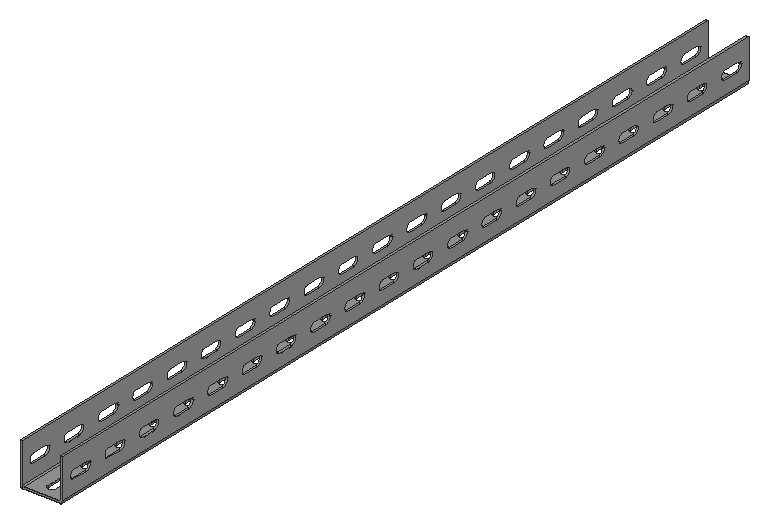
Revit family "U-Stiel, US 5 1000 FT,A2,A4", category Generic Models, Revit 2017
Family settings
  Can host rebar = No
  Round Connector Dimension = Use Diameter
  Part Type = Normal
  Work Plane-Based = No
  Always vertical = Yes
  Cut with Voids When Loaded = No
  Shared = No
  Room Calculation Point = No
Parameters (values of type "US 5 100 A2")
  Width 1 = Width / 2  # 25 mm
  Width = 50 mm
  URL = "http://www.obo-bettermann.com"
  Material = Stainless steel, A2
  Manufacturer Art.No. = "6341133"
  Manufacturer = "OBO Bettermann"
  Length = 1000 mm
  Height = 50 mm
  GTIN = "4012196082094"
  Cut's space = 50 mm
  Cut's number = Length / Cut's space  # 20
  Article Type = "US 5 100 A2"
Types (4, lengths in mm): name | Material | Manufacturer Art.No. | GTIN | Article Type
  (no name) | Stainless steel, A2 | "6341133" | "4012196082094" | "US 5 100 A2"
  US 5 100 FT | Hot-dip galvanised | "6340962" | "4012196284177" | "US 5 100 FT"
  US 5 100 A2 | Stainless steel, A2 | "6341133" | "4012196082094" | "US 5 100 A2"
  US 5 100 FT SO | Hot-dip galvanised 85 µm | "7193580" | "4012196954438" | "US 5 100 FT SO"
Reference planes
  plane 1 "Center (Front/Back)": y = 0
  plane 2: z = 0
  plane 3 "Center (Left/Right)": x = 0
  plane 4: z = 50
  plane 5: y = 25
  plane 6: z = 25
  plane 7: y = 75
  plane 8: y = 10
  plane 9: y = 40
  plane 10: y = 75
  plane 11: y = 90
  plane 12: y = 140
  plane 13: y = 190
  plane 14: y = 240
  plane 15: y = 290
  plane 16: y = 340
  plane 17: y = 390
  plane 18: y = 440
  plane 19: y = 490
  plane 20: y = 540
  plane 21: y = 590
  plane 22: y = 640
  plane 23: y = 690
  plane 24: y = 740
  plane 25: y = 790
  plane 26: y = 840
  plane 27: y = 890
  plane 28: y = 940
  plane 29: y = 990
Forms (mm)
  Extrusion 1, solid, material "Stainless steel, A2" <- "Material"
    sketch origin (0, 0, 0) x (1, 0, 0) y (0, 0, 1)
      loop
        line (-25, 50) -> (-25, 3.7)
        arc (-25, 3.7) -> (-23.916, 1.084) -> (-21.3, 0) r 3.7
        line (-21.3, 0) -> (21.336, 0)
        arc (21.336, 0) -> (23.927, 1.073) -> (25, 3.664) r 3.664
        line (25, 3.664) -> (25, 50) -> (22.5, 50) -> (22.5, 4)
        arc (22.5, 4) -> (22.061, 2.939) -> (21, 2.5) r 1.5
        line (21, 2.5) -> (-21, 2.5)
        arc (-21, 2.5) -> (-22.061, 2.939) -> (-22.5, 4) r 1.5
        line (-22.5, 4) -> (-22.5, 50) -> (-25, 50)
    from -1000 to 0
  Extrusion 2, void
    sketch origin (0, 0, 0) x (0, 1, 0) y (0, 0, 1)
      loop
        arc (15.607, 30.5) -> (10.107, 25) -> (15.607, 19.5) r 5.5
        line (15.607, 19.5) -> (34.607, 19.5)
        arc (34.607, 19.5) -> (40.107, 25) -> (34.607, 30.5) r 5.5
        line (34.607, 30.5) -> (15.607, 30.5)
    from 22.5 to 25
  Extrusion 3, void
    sketch origin (0, -100, 0) x (0, -1, 0) y (0, 0, 1)
      loop
        line (-115.607, 30.5) -> (-134.607, 30.5)
        arc (-134.607, 30.5) -> (-140.107, 25) -> (-134.607, 19.5) r 5.5
        line (-134.607, 19.5) -> (-115.607, 19.5)
        arc (-115.607, 19.5) -> (-110.107, 25) -> (-115.607, 30.5) r 5.5
    from 22.5 to 25
  Extrusion 4, void
    sketch origin (0, 0, 0) x (1, 0, 0) y (0, 1, 0)
      loop
        arc (-5.5, 15.5) -> (0, 10) -> (5.5, 15.5) r 5.5
        line (5.5, 15.5) -> (5.5, 34.5)
        arc (5.5, 34.5) -> (0, 40) -> (-5.5, 34.5) r 5.5
        line (-5.5, 34.5) -> (-5.5, 15.5)
    from 0 to 2.5
  Extrusion 5, void
    sketch origin (0, 50, 0) x (1, 0, 0) y (0, 1, 0)
      loop
        arc (-5.5, 15.5) -> (0, 10) -> (5.5, 15.5) r 5.5
        line (5.5, 15.5) -> (5.5, 34.5)
        arc (5.5, 34.5) -> (0, 40) -> (-5.5, 34.5) r 5.5
        line (-5.5, 34.5) -> (-5.5, 15.5)
    from 0 to 2.5
  Extrusion 6, void
    sketch origin (0, 100, 0) x (1, 0, 0) y (0, 1, 0)
      loop
        arc (-5.5, 15.5) -> (0, 10) -> (5.5, 15.5) r 5.5
        line (5.5, 15.5) -> (5.5, 34.5)
        arc (5.5, 34.5) -> (0, 40) -> (-5.5, 34.5) r 5.5
        line (-5.5, 34.5) -> (-5.5, 15.5)
    from 0 to 2.5
  Extrusion 7, void
    sketch origin (0, 150, 0) x (1, 0, 0) y (0, 1, 0)
      loop
        arc (-5.5, 15.5) -> (0, 10) -> (5.5, 15.5) r 5.5
        line (5.5, 15.5) -> (5.5, 34.5)
        arc (5.5, 34.5) -> (0, 40) -> (-5.5, 34.5) r 5.5
        line (-5.5, 34.5) -> (-5.5, 15.5)
    from 0 to 2.5
  Extrusion 8, void
    sketch origin (0, 200, 0) x (1, 0, 0) y (0, 1, 0)
      loop
        arc (-5.5, 15.5) -> (0, 10) -> (5.5, 15.5) r 5.5
        line (5.5, 15.5) -> (5.5, 34.5)
        arc (5.5, 34.5) -> (0, 40) -> (-5.5, 34.5) r 5.5
        line (-5.5, 34.5) -> (-5.5, 15.5)
    from 0 to 2.5
  Extrusion 9, void
    sketch origin (0, 250, 0) x (1, 0, 0) y (0, 1, 0)
      loop
        arc (-5.5, 15.5) -> (0, 10) -> (5.5, 15.5) r 5.5
        line (5.5, 15.5) -> (5.5, 34.5)
        arc (5.5, 34.5) -> (0, 40) -> (-5.5, 34.5) r 5.5
        line (-5.5, 34.5) -> (-5.5, 15.5)
    from 0 to 2.5
  Extrusion 10, void
    sketch origin (0, 300, 0) x (1, 0, 0) y (0, 1, 0)
      loop
        arc (-5.5, 15.5) -> (0, 10) -> (5.5, 15.5) r 5.5
        line (5.5, 15.5) -> (5.5, 34.5)
        arc (5.5, 34.5) -> (0, 40) -> (-5.5, 34.5) r 5.5
        line (-5.5, 34.5) -> (-5.5, 15.5)
    from 0 to 2.5
  Extrusion 11, void
    sketch origin (0, 350, 0) x (1, 0, 0) y (0, 1, 0)
      loop
        arc (-5.5, 15.5) -> (0, 10) -> (5.5, 15.5) r 5.5
        line (5.5, 15.5) -> (5.5, 34.5)
        arc (5.5, 34.5) -> (0, 40) -> (-5.5, 34.5) r 5.5
        line (-5.5, 34.5) -> (-5.5, 15.5)
    from 0 to 2.5
  Extrusion 12, void
    sketch origin (0, 400, 0) x (1, 0, 0) y (0, 1, 0)
      loop
        arc (-5.5, 15.5) -> (0, 10) -> (5.5, 15.5) r 5.5
        line (5.5, 15.5) -> (5.5, 34.5)
        arc (5.5, 34.5) -> (0, 40) -> (-5.5, 34.5) r 5.5
        line (-5.5, 34.5) -> (-5.5, 15.5)
    from 0 to 2.5
  Extrusion 13, void
    sketch origin (0, 450, 0) x (1, 0, 0) y (0, 1, 0)
      loop
        arc (-5.5, 15.5) -> (0, 10) -> (5.5, 15.5) r 5.5
        line (5.5, 15.5) -> (5.5, 34.5)
        arc (5.5, 34.5) -> (0, 40) -> (-5.5, 34.5) r 5.5
        line (-5.5, 34.5) -> (-5.5, 15.5)
    from 0 to 2.5
  Extrusion 14, void
    sketch origin (0, 500, 0) x (1, 0, 0) y (0, 1, 0)
      loop
        arc (-5.5, 15.5) -> (0, 10) -> (5.5, 15.5) r 5.5
        line (5.5, 15.5) -> (5.5, 34.5)
        arc (5.5, 34.5) -> (0, 40) -> (-5.5, 34.5) r 5.5
        line (-5.5, 34.5) -> (-5.5, 15.5)
    from 0 to 2.5
  Extrusion 15, void
    sketch origin (0, 550, 0) x (1, 0, 0) y (0, 1, 0)
      loop
        arc (-5.5, 15.5) -> (0, 10) -> (5.5, 15.5) r 5.5
        line (5.5, 15.5) -> (5.5, 34.5)
        arc (5.5, 34.5) -> (0, 40) -> (-5.5, 34.5) r 5.5
        line (-5.5, 34.5) -> (-5.5, 15.5)
    from 0 to 2.5
  Extrusion 16, void
    sketch origin (0, 600, 0) x (1, 0, 0) y (0, 1, 0)
      loop
        arc (-5.5, 15.5) -> (0, 10) -> (5.5, 15.5) r 5.5
        line (5.5, 15.5) -> (5.5, 34.5)
        arc (5.5, 34.5) -> (0, 40) -> (-5.5, 34.5) r 5.5
        line (-5.5, 34.5) -> (-5.5, 15.5)
    from 0 to 2.5
  Extrusion 17, void
    sketch origin (0, 650, 0) x (1, 0, 0) y (0, 1, 0)
      loop
        arc (-5.5, 15.5) -> (0, 10) -> (5.5, 15.5) r 5.5
        line (5.5, 15.5) -> (5.5, 34.5)
        arc (5.5, 34.5) -> (0, 40) -> (-5.5, 34.5) r 5.5
        line (-5.5, 34.5) -> (-5.5, 15.5)
    from 0 to 2.5
  Extrusion 18, void
    sketch origin (0, 700, 0) x (1, 0, 0) y (0, 1, 0)
      loop
        arc (-5.5, 15.5) -> (0, 10) -> (5.5, 15.5) r 5.5
        line (5.5, 15.5) -> (5.5, 34.5)
        arc (5.5, 34.5) -> (0, 40) -> (-5.5, 34.5) r 5.5
        line (-5.5, 34.5) -> (-5.5, 15.5)
    from 0 to 2.5
  Extrusion 19, void
    sketch origin (0, 750, 0) x (1, 0, 0) y (0, 1, 0)
      loop
        arc (-5.5, 15.5) -> (0, 10) -> (5.5, 15.5) r 5.5
        line (5.5, 15.5) -> (5.5, 34.5)
        arc (5.5, 34.5) -> (0, 40) -> (-5.5, 34.5) r 5.5
        line (-5.5, 34.5) -> (-5.5, 15.5)
    from 0 to 2.5
  Extrusion 20, void
    sketch origin (0, 50, 0) x (0, 1, 0) y (0, 0, 1)
      loop
        arc (15.607, 30.5) -> (10.107, 25) -> (15.607, 19.5) r 5.5
        line (15.607, 19.5) -> (34.607, 19.5)
        arc (34.607, 19.5) -> (40.107, 25) -> (34.607, 30.5) r 5.5
        line (34.607, 30.5) -> (15.607, 30.5)
    from 22.5 to 25
  Extrusion 21, void
    sketch origin (0, 100, 0) x (0, 1, 0) y (0, 0, 1)
      loop
        arc (15.607, 30.5) -> (10.107, 25) -> (15.607, 19.5) r 5.5
        line (15.607, 19.5) -> (34.607, 19.5)
        arc (34.607, 19.5) -> (40.107, 25) -> (34.607, 30.5) r 5.5
        line (34.607, 30.5) -> (15.607, 30.5)
    from 22.5 to 25
  Extrusion 22, void
    sketch origin (0, 150, 0) x (0, 1, 0) y (0, 0, 1)
      loop
        arc (15.607, 30.5) -> (10.107, 25) -> (15.607, 19.5) r 5.5
        line (15.607, 19.5) -> (34.607, 19.5)
        arc (34.607, 19.5) -> (40.107, 25) -> (34.607, 30.5) r 5.5
        line (34.607, 30.5) -> (15.607, 30.5)
    from 22.5 to 25
  Extrusion 23, void
    sketch origin (0, 200, 0) x (0, 1, 0) y (0, 0, 1)
      loop
        arc (15.607, 30.5) -> (10.107, 25) -> (15.607, 19.5) r 5.5
        line (15.607, 19.5) -> (34.607, 19.5)
        arc (34.607, 19.5) -> (40.107, 25) -> (34.607, 30.5) r 5.5
        line (34.607, 30.5) -> (15.607, 30.5)
    from 22.5 to 25
  Extrusion 24, void
    sketch origin (0, 250, 0) x (0, 1, 0) y (0, 0, 1)
      loop
        arc (15.607, 30.5) -> (10.107, 25) -> (15.607, 19.5) r 5.5
        line (15.607, 19.5) -> (34.607, 19.5)
        arc (34.607, 19.5) -> (40.107, 25) -> (34.607, 30.5) r 5.5
        line (34.607, 30.5) -> (15.607, 30.5)
    from 22.5 to 25
  Extrusion 25, void
    sketch origin (0, 300, 0) x (0, 1, 0) y (0, 0, 1)
      loop
        arc (15.607, 30.5) -> (10.107, 25) -> (15.607, 19.5) r 5.5
        line (15.607, 19.5) -> (34.607, 19.5)
        arc (34.607, 19.5) -> (40.107, 25) -> (34.607, 30.5) r 5.5
        line (34.607, 30.5) -> (15.607, 30.5)
    from 22.5 to 25
  Extrusion 26, void
    sketch origin (0, 350, 0) x (0, 1, 0) y (0, 0, 1)
      loop
        arc (15.607, 30.5) -> (10.107, 25) -> (15.607, 19.5) r 5.5
        line (15.607, 19.5) -> (34.607, 19.5)
        arc (34.607, 19.5) -> (40.107, 25) -> (34.607, 30.5) r 5.5
        line (34.607, 30.5) -> (15.607, 30.5)
    from 22.5 to 25
  Extrusion 27, void
    sketch origin (0, 400, 0) x (0, 1, 0) y (0, 0, 1)
      loop
        arc (15.607, 30.5) -> (10.107, 25) -> (15.607, 19.5) r 5.5
        line (15.607, 19.5) -> (34.607, 19.5)
        arc (34.607, 19.5) -> (40.107, 25) -> (34.607, 30.5) r 5.5
        line (34.607, 30.5) -> (15.607, 30.5)
    from 22.5 to 25
  Extrusion 28, void
    sketch origin (0, 450, 0) x (0, 1, 0) y (0, 0, 1)
      loop
        arc (15.607, 30.5) -> (10.107, 25) -> (15.607, 19.5) r 5.5
        line (15.607, 19.5) -> (34.607, 19.5)
        arc (34.607, 19.5) -> (40.107, 25) -> (34.607, 30.5) r 5.5
        line (34.607, 30.5) -> (15.607, 30.5)
    from 22.5 to 25
  Extrusion 29, void
    sketch origin (0, 500, 0) x (0, 1, 0) y (0, 0, 1)
      loop
        arc (15.607, 30.5) -> (10.107, 25) -> (15.607, 19.5) r 5.5
        line (15.607, 19.5) -> (34.607, 19.5)
        arc (34.607, 19.5) -> (40.107, 25) -> (34.607, 30.5) r 5.5
        line (34.607, 30.5) -> (15.607, 30.5)
    from 22.5 to 25
  Extrusion 30, void
    sketch origin (0, 550, 0) x (0, 1, 0) y (0, 0, 1)
      loop
        arc (15.607, 30.5) -> (10.107, 25) -> (15.607, 19.5) r 5.5
        line (15.607, 19.5) -> (34.607, 19.5)
        arc (34.607, 19.5) -> (40.107, 25) -> (34.607, 30.5) r 5.5
        line (34.607, 30.5) -> (15.607, 30.5)
    from 22.5 to 25
  Extrusion 31, void
    sketch origin (0, 600, 0) x (0, 1, 0) y (0, 0, 1)
      loop
        arc (15.607, 30.5) -> (10.107, 25) -> (15.607, 19.5) r 5.5
        line (15.607, 19.5) -> (34.607, 19.5)
        arc (34.607, 19.5) -> (40.107, 25) -> (34.607, 30.5) r 5.5
        line (34.607, 30.5) -> (15.607, 30.5)
    from 22.5 to 25
  Extrusion 32, void
    sketch origin (0, 650, 0) x (0, 1, 0) y (0, 0, 1)
      loop
        arc (15.607, 30.5) -> (10.107, 25) -> (15.607, 19.5) r 5.5
        line (15.607, 19.5) -> (34.607, 19.5)
        arc (34.607, 19.5) -> (40.107, 25) -> (34.607, 30.5) r 5.5
        line (34.607, 30.5) -> (15.607, 30.5)
    from 22.5 to 25
  Extrusion 33, void
    sketch origin (0, 700, 0) x (0, 1, 0) y (0, 0, 1)
      loop
        arc (15.607, 30.5) -> (10.107, 25) -> (15.607, 19.5) r 5.5
        line (15.607, 19.5) -> (34.607, 19.5)
        arc (34.607, 19.5) -> (40.107, 25) -> (34.607, 30.5) r 5.5
        line (34.607, 30.5) -> (15.607, 30.5)
    from 22.5 to 25
  Extrusion 34, void
    sketch origin (0, 750, 0) x (0, 1, 0) y (0, 0, 1)
      loop
        arc (15.607, 30.5) -> (10.107, 25) -> (15.607, 19.5) r 5.5
        line (15.607, 19.5) -> (34.607, 19.5)
        arc (34.607, 19.5) -> (40.107, 25) -> (34.607, 30.5) r 5.5
        line (34.607, 30.5) -> (15.607, 30.5)
    from 22.5 to 25
  Extrusion 35, void
    sketch origin (0, 800, 0) x (1, 0, 0) y (0, 1, 0)
      loop
        arc (-5.5, 15.5) -> (0, 10) -> (5.5, 15.5) r 5.5
        line (5.5, 15.5) -> (5.5, 34.5)
        arc (5.5, 34.5) -> (0, 40) -> (-5.5, 34.5) r 5.5
        line (-5.5, 34.5) -> (-5.5, 15.5)
    from 0 to 2.5
  Extrusion 36, void
    sketch origin (0, 850, 0) x (1, 0, 0) y (0, 1, 0)
      loop
        arc (-5.5, 15.5) -> (0, 10) -> (5.5, 15.5) r 5.5
        line (5.5, 15.5) -> (5.5, 34.5)
        arc (5.5, 34.5) -> (0, 40) -> (-5.5, 34.5) r 5.5
        line (-5.5, 34.5) -> (-5.5, 15.5)
    from 0 to 2.5
  Extrusion 37, void
    sketch origin (0, 900, 0) x (1, 0, 0) y (0, 1, 0)
      loop
        arc (-5.5, 15.5) -> (0, 10) -> (5.5, 15.5) r 5.5
        line (5.5, 15.5) -> (5.5, 34.5)
        arc (5.5, 34.5) -> (0, 40) -> (-5.5, 34.5) r 5.5
        line (-5.5, 34.5) -> (-5.5, 15.5)
    from 0 to 2.5
  Extrusion 38, void
    sketch origin (0, 950, 0) x (1, 0, 0) y (0, 1, 0)
      loop
        arc (-5.5, 15.5) -> (0, 10) -> (5.5, 15.5) r 5.5
        line (5.5, 15.5) -> (5.5, 34.5)
        arc (5.5, 34.5) -> (0, 40) -> (-5.5, 34.5) r 5.5
        line (-5.5, 34.5) -> (-5.5, 15.5)
    from 0 to 2.5
  Extrusion 39, void
    sketch origin (0, 800, 0) x (0, 1, 0) y (0, 0, 1)
      loop
        arc (15.607, 30.5) -> (10.107, 25) -> (15.607, 19.5) r 5.5
        line (15.607, 19.5) -> (34.607, 19.5)
        arc (34.607, 19.5) -> (40.107, 25) -> (34.607, 30.5) r 5.5
        line (34.607, 30.5) -> (15.607, 30.5)
    from 22.5 to 25
  Extrusion 40, void
    sketch origin (0, 850, 0) x (0, 1, 0) y (0, 0, 1)
      loop
        arc (15.607, 30.5) -> (10.107, 25) -> (15.607, 19.5) r 5.5
        line (15.607, 19.5) -> (34.607, 19.5)
        arc (34.607, 19.5) -> (40.107, 25) -> (34.607, 30.5) r 5.5
        line (34.607, 30.5) -> (15.607, 30.5)
    from 22.5 to 25
  Extrusion 41, void
    sketch origin (0, 900, 0) x (0, 1, 0) y (0, 0, 1)
      loop
        arc (15.607, 30.5) -> (10.107, 25) -> (15.607, 19.5) r 5.5
        line (15.607, 19.5) -> (34.607, 19.5)
        arc (34.607, 19.5) -> (40.107, 25) -> (34.607, 30.5) r 5.5
        line (34.607, 30.5) -> (15.607, 30.5)
    from 22.5 to 25
  Extrusion 42, void
    sketch origin (0, 950, 0) x (0, 1, 0) y (0, 0, 1)
      loop
        arc (15.607, 30.5) -> (10.107, 25) -> (15.607, 19.5) r 5.5
        line (15.607, 19.5) -> (34.607, 19.5)
        arc (34.607, 19.5) -> (40.107, 25) -> (34.607, 30.5) r 5.5
        line (34.607, 30.5) -> (15.607, 30.5)
    from 22.5 to 25
  Extrusion 43, void
    sketch origin (0, -50, 0) x (0, -1, 0) y (0, 0, 1)
      loop
        line (-115.607, 30.5) -> (-134.607, 30.5)
        arc (-134.607, 30.5) -> (-140.107, 25) -> (-134.607, 19.5) r 5.5
        line (-134.607, 19.5) -> (-115.607, 19.5)
        arc (-115.607, 19.5) -> (-110.107, 25) -> (-115.607, 30.5) r 5.5
    from 22.5 to 25
  Extrusion 44, void
    sketch origin (0, 0, 0) x (0, -1, 0) y (0, 0, 1)
      loop
        line (-115.607, 30.5) -> (-134.607, 30.5)
        arc (-134.607, 30.5) -> (-140.107, 25) -> (-134.607, 19.5) r 5.5
        line (-134.607, 19.5) -> (-115.607, 19.5)
        arc (-115.607, 19.5) -> (-110.107, 25) -> (-115.607, 30.5) r 5.5
    from 22.5 to 25
  Extrusion 45, void
    sketch origin (0, 50, 0) x (0, -1, 0) y (0, 0, 1)
      loop
        line (-115.607, 30.5) -> (-134.607, 30.5)
        arc (-134.607, 30.5) -> (-140.107, 25) -> (-134.607, 19.5) r 5.5
        line (-134.607, 19.5) -> (-115.607, 19.5)
        arc (-115.607, 19.5) -> (-110.107, 25) -> (-115.607, 30.5) r 5.5
    from 22.5 to 25
  Extrusion 46, void
    sketch origin (0, 100, 0) x (0, -1, 0) y (0, 0, 1)
      loop
        line (-115.607, 30.5) -> (-134.607, 30.5)
        arc (-134.607, 30.5) -> (-140.107, 25) -> (-134.607, 19.5) r 5.5
        line (-134.607, 19.5) -> (-115.607, 19.5)
        arc (-115.607, 19.5) -> (-110.107, 25) -> (-115.607, 30.5) r 5.5
    from 22.5 to 25
  Extrusion 47, void
    sketch origin (0, 150, 0) x (0, -1, 0) y (0, 0, 1)
      loop
        line (-115.607, 30.5) -> (-134.607, 30.5)
        arc (-134.607, 30.5) -> (-140.107, 25) -> (-134.607, 19.5) r 5.5
        line (-134.607, 19.5) -> (-115.607, 19.5)
        arc (-115.607, 19.5) -> (-110.107, 25) -> (-115.607, 30.5) r 5.5
    from 22.5 to 25
  Extrusion 48, void
    sketch origin (0, 200, 0) x (0, -1, 0) y (0, 0, 1)
      loop
        line (-115.607, 30.5) -> (-134.607, 30.5)
        arc (-134.607, 30.5) -> (-140.107, 25) -> (-134.607, 19.5) r 5.5
        line (-134.607, 19.5) -> (-115.607, 19.5)
        arc (-115.607, 19.5) -> (-110.107, 25) -> (-115.607, 30.5) r 5.5
    from 22.5 to 25
  Extrusion 49, void
    sketch origin (0, 250, 0) x (0, -1, 0) y (0, 0, 1)
      loop
        line (-115.607, 30.5) -> (-134.607, 30.5)
        arc (-134.607, 30.5) -> (-140.107, 25) -> (-134.607, 19.5) r 5.5
        line (-134.607, 19.5) -> (-115.607, 19.5)
        arc (-115.607, 19.5) -> (-110.107, 25) -> (-115.607, 30.5) r 5.5
    from 22.5 to 25
  Extrusion 50, void
    sketch origin (0, 300, 0) x (0, -1, 0) y (0, 0, 1)
      loop
        line (-115.607, 30.5) -> (-134.607, 30.5)
        arc (-134.607, 30.5) -> (-140.107, 25) -> (-134.607, 19.5) r 5.5
        line (-134.607, 19.5) -> (-115.607, 19.5)
        arc (-115.607, 19.5) -> (-110.107, 25) -> (-115.607, 30.5) r 5.5
    from 22.5 to 25
  Extrusion 51, void
    sketch origin (0, 350, 0) x (0, -1, 0) y (0, 0, 1)
      loop
        line (-115.607, 30.5) -> (-134.607, 30.5)
        arc (-134.607, 30.5) -> (-140.107, 25) -> (-134.607, 19.5) r 5.5
        line (-134.607, 19.5) -> (-115.607, 19.5)
        arc (-115.607, 19.5) -> (-110.107, 25) -> (-115.607, 30.5) r 5.5
    from 22.5 to 25
  Extrusion 52, void
    sketch origin (0, 400, 0) x (0, -1, 0) y (0, 0, 1)
      loop
        line (-115.607, 30.5) -> (-134.607, 30.5)
        arc (-134.607, 30.5) -> (-140.107, 25) -> (-134.607, 19.5) r 5.5
        line (-134.607, 19.5) -> (-115.607, 19.5)
        arc (-115.607, 19.5) -> (-110.107, 25) -> (-115.607, 30.5) r 5.5
    from 22.5 to 25
  Extrusion 53, void
    sketch origin (0, 450, 0) x (0, -1, 0) y (0, 0, 1)
      loop
        line (-115.607, 30.5) -> (-134.607, 30.5)
        arc (-134.607, 30.5) -> (-140.107, 25) -> (-134.607, 19.5) r 5.5
        line (-134.607, 19.5) -> (-115.607, 19.5)
        arc (-115.607, 19.5) -> (-110.107, 25) -> (-115.607, 30.5) r 5.5
    from 22.5 to 25
  Extrusion 54, void
    sketch origin (0, 500, 0) x (0, -1, 0) y (0, 0, 1)
      loop
        line (-115.607, 30.5) -> (-134.607, 30.5)
        arc (-134.607, 30.5) -> (-140.107, 25) -> (-134.607, 19.5) r 5.5
        line (-134.607, 19.5) -> (-115.607, 19.5)
        arc (-115.607, 19.5) -> (-110.107, 25) -> (-115.607, 30.5) r 5.5
    from 22.5 to 25
  Extrusion 55, void
    sketch origin (0, 550, 0) x (0, -1, 0) y (0, 0, 1)
      loop
        line (-115.607, 30.5) -> (-134.607, 30.5)
        arc (-134.607, 30.5) -> (-140.107, 25) -> (-134.607, 19.5) r 5.5
        line (-134.607, 19.5) -> (-115.607, 19.5)
        arc (-115.607, 19.5) -> (-110.107, 25) -> (-115.607, 30.5) r 5.5
    from 22.5 to 25
  Extrusion 56, void
    sketch origin (0, 600, 0) x (0, -1, 0) y (0, 0, 1)
      loop
        line (-115.607, 30.5) -> (-134.607, 30.5)
        arc (-134.607, 30.5) -> (-140.107, 25) -> (-134.607, 19.5) r 5.5
        line (-134.607, 19.5) -> (-115.607, 19.5)
        arc (-115.607, 19.5) -> (-110.107, 25) -> (-115.607, 30.5) r 5.5
    from 22.5 to 25
  Extrusion 57, void
    sketch origin (0, 650, 0) x (0, -1, 0) y (0, 0, 1)
      loop
        line (-115.607, 30.5) -> (-134.607, 30.5)
        arc (-134.607, 30.5) -> (-140.107, 25) -> (-134.607, 19.5) r 5.5
        line (-134.607, 19.5) -> (-115.607, 19.5)
        arc (-115.607, 19.5) -> (-110.107, 25) -> (-115.607, 30.5) r 5.5
    from 22.5 to 25
  Extrusion 58, void
    sketch origin (0, 700, 0) x (0, -1, 0) y (0, 0, 1)
      loop
        line (-115.607, 30.5) -> (-134.607, 30.5)
        arc (-134.607, 30.5) -> (-140.107, 25) -> (-134.607, 19.5) r 5.5
        line (-134.607, 19.5) -> (-115.607, 19.5)
        arc (-115.607, 19.5) -> (-110.107, 25) -> (-115.607, 30.5) r 5.5
    from 22.5 to 25
  Extrusion 59, void
    sketch origin (0, 750, 0) x (0, -1, 0) y (0, 0, 1)
      loop
        line (-115.607, 30.5) -> (-134.607, 30.5)
        arc (-134.607, 30.5) -> (-140.107, 25) -> (-134.607, 19.5) r 5.5
        line (-134.607, 19.5) -> (-115.607, 19.5)
        arc (-115.607, 19.5) -> (-110.107, 25) -> (-115.607, 30.5) r 5.5
    from 22.5 to 25
  Extrusion 60, void
    sketch origin (0, 800, 0) x (0, -1, 0) y (0, 0, 1)
      loop
        line (-115.607, 30.5) -> (-134.607, 30.5)
        arc (-134.607, 30.5) -> (-140.107, 25) -> (-134.607, 19.5) r 5.5
        line (-134.607, 19.5) -> (-115.607, 19.5)
        arc (-115.607, 19.5) -> (-110.107, 25) -> (-115.607, 30.5) r 5.5
    from 22.5 to 25
  Extrusion 61, void
    sketch origin (0, 850, 0) x (0, -1, 0) y (0, 0, 1)
      loop
        line (-115.607, 30.5) -> (-134.607, 30.5)
        arc (-134.607, 30.5) -> (-140.107, 25) -> (-134.607, 19.5) r 5.5
        line (-134.607, 19.5) -> (-115.607, 19.5)
        arc (-115.607, 19.5) -> (-110.107, 25) -> (-115.607, 30.5) r 5.5
    from 22.5 to 25
Cuts and joins
  Extrusion 2, Extrusion 3, Extrusion 4, Extrusion 5, Extrusion 6, Extrusion 7, Extrusion 8, Extrusion 9, Extrusion 10, Extrusion 11, Extrusion 12, Extrusion 13, Extrusion 14, Extrusion 15, Extrusion 16, Extrusion 17, Extrusion 18, Extrusion 19, Extrusion 20, Extrusion 21, Extrusion 22, Extrusion 23, Extrusion 24, Extrusion 25, Extrusion 26, Extrusion 27, Extrusion 28, Extrusion 29, Extrusion 30, Extrusion 31, Extrusion 32, Extrusion 33, Extrusion 34, Extrusion 35, Extrusion 36, Extrusion 37, Extrusion 38, Extrusion 39, Extrusion 40, Extrusion 41, Extrusion 42, Extrusion 43, Extrusion 44, Extrusion 45, Extrusion 46, Extrusion 47, Extrusion 48, Extrusion 49, Extrusion 50, Extrusion 51, Extrusion 52, Extrusion 53, Extrusion 54, Extrusion 55, Extrusion 56, Extrusion 57, Extrusion 58, Extrusion 59, Extrusion 60, Extrusion 61 cuts Extrusion 1
Dimensions and locks
  "Width 1": Extrusion 1 sketch curve to plane 3 "Center (Left/Right)"  (x2)
  "Height": plane 4 to level
  locked: Extrusion 1 to Extrusion 1 at 2.5  (x5)
  "Length": Extrusion 1 to Extrusion 1
  locked: Extrusion 1 to plane 5 at 25
  locked: plane 6 to level at 25
  locked: Extrusion 2 sketch curve to Extrusion 2 sketch curve at 11
  locked: plane 5 to plane 7 at 50
  locked: Extrusion 3 sketch curve to Extrusion 3 sketch curve at 11
  locked: cut or joined group 1 (Extrusion 1, Extrusion 2, Extrusion 3, Extrusion 4, Extrusion 5, Extrusion 6, Extrusion 7, Extrusion 8, Extrusion 9, Extrusion 10, Extrusion 11, Extrusion 12, Extrusion 13, Extrusion 14, Extrusion 15, Extrusion 16, Extrusion 17, Extrusion 18, Extrusion 19, Extrusion 20, Extrusion 21, Extrusion 22, Extrusion 23, Extrusion 24, Extrusion 25, Extrusion 26, Extrusion 27, Extrusion 28, Extrusion 29, Extrusion 30, Extrusion 31, Extrusion 32, Extrusion 33, Extrusion 34, Extrusion 35, Extrusion 36, Extrusion 37, Extrusion 38, Extrusion 39, Extrusion 40, Extrusion 41, Extrusion 42, Extrusion 43, Extrusion 44, Extrusion 45, Extrusion 46, Extrusion 47, Extrusion 48, Extrusion 49, Extrusion 50, Extrusion 51, Extrusion 52, Extrusion 53, Extrusion 54, Extrusion 55, Extrusion 56, Extrusion 57, Extrusion 58, Extrusion 59, Extrusion 60, Extrusion 61) to plane 8 at 10
  locked: Extrusion 4 sketch curve to Extrusion 4 sketch curve at 11
  Extrusion 4 sketch curve to Extrusion 4 sketch curve = 19 mm
  plane 9 to plane 8 = 30 mm
  plane 10 to plane 5 = 50 mm
  locked: Extrusion 5 sketch curve to Extrusion 5 sketch curve at 11
  Extrusion 5 sketch curve to Extrusion 5 sketch curve = 19 mm
  equal spacing: group 1, group 2, group 3, group 4, group 5, group 6, group 7, group 8, group 9, group 10, group 11, group 12, group 13, group 14, group 15, group 16, group 32, group 33, group 34, group 35  (x3)
  locked: Extrusion 6 sketch curve to Extrusion 6 sketch curve at 11
  Extrusion 6 sketch curve to Extrusion 6 sketch curve = 19 mm
  locked: Extrusion 7 sketch curve to Extrusion 7 sketch curve at 11
  Extrusion 7 sketch curve to Extrusion 7 sketch curve = 19 mm
  locked: Extrusion 8 sketch curve to Extrusion 8 sketch curve at 11
  Extrusion 8 sketch curve to Extrusion 8 sketch curve = 19 mm
  locked: Extrusion 9 sketch curve to Extrusion 9 sketch curve at 11
  Extrusion 9 sketch curve to Extrusion 9 sketch curve = 19 mm
  locked: Extrusion 10 sketch curve to Extrusion 10 sketch curve at 11
  Extrusion 10 sketch curve to Extrusion 10 sketch curve = 19 mm
  locked: Extrusion 11 sketch curve to Extrusion 11 sketch curve at 11
  Extrusion 11 sketch curve to Extrusion 11 sketch curve = 19 mm
  locked: Extrusion 12 sketch curve to Extrusion 12 sketch curve at 11
  Extrusion 12 sketch curve to Extrusion 12 sketch curve = 19 mm
  locked: Extrusion 13 sketch curve to Extrusion 13 sketch curve at 11
  Extrusion 13 sketch curve to Extrusion 13 sketch curve = 19 mm
  locked: Extrusion 14 sketch curve to Extrusion 14 sketch curve at 11
  Extrusion 14 sketch curve to Extrusion 14 sketch curve = 19 mm
  locked: Extrusion 15 sketch curve to Extrusion 15 sketch curve at 11
  Extrusion 15 sketch curve to Extrusion 15 sketch curve = 19 mm
  cut or joined group 1 to cut or joined group 1 = 1000 mm
  locked: Extrusion 16 sketch curve to Extrusion 16 sketch curve at 11
  Extrusion 16 sketch curve to Extrusion 16 sketch curve = 19 mm
  locked: Extrusion 17 sketch curve to Extrusion 17 sketch curve at 11
  Extrusion 17 sketch curve to Extrusion 17 sketch curve = 19 mm
  locked: Extrusion 18 sketch curve to Extrusion 18 sketch curve at 11
  Extrusion 18 sketch curve to Extrusion 18 sketch curve = 19 mm
  locked: Extrusion 19 sketch curve to Extrusion 19 sketch curve at 11
  Extrusion 19 sketch curve to Extrusion 19 sketch curve = 19 mm
  locked: Extrusion 20 sketch curve to Extrusion 20 sketch curve at 11
  locked: Extrusion 21 sketch curve to Extrusion 21 sketch curve at 11
  locked: Extrusion 22 sketch curve to Extrusion 22 sketch curve at 11
  locked: Extrusion 23 sketch curve to Extrusion 23 sketch curve at 11
  locked: Extrusion 24 sketch curve to Extrusion 24 sketch curve at 11
  locked: Extrusion 25 sketch curve to Extrusion 25 sketch curve at 11
  locked: Extrusion 26 sketch curve to Extrusion 26 sketch curve at 11
  locked: Extrusion 27 sketch curve to Extrusion 27 sketch curve at 11
  locked: Extrusion 28 sketch curve to Extrusion 28 sketch curve at 11
  locked: Extrusion 29 sketch curve to Extrusion 29 sketch curve at 11
  locked: Extrusion 30 sketch curve to Extrusion 30 sketch curve at 11
  locked: Extrusion 31 sketch curve to Extrusion 31 sketch curve at 11
  locked: Extrusion 32 sketch curve to Extrusion 32 sketch curve at 11
  locked: Extrusion 33 sketch curve to Extrusion 33 sketch curve at 11
  locked: Extrusion 34 sketch curve to Extrusion 34 sketch curve at 11
  locked: Extrusion 35 sketch curve to Extrusion 35 sketch curve at 11
  Extrusion 35 sketch curve to Extrusion 35 sketch curve = 19 mm
  locked: Extrusion 36 sketch curve to Extrusion 36 sketch curve at 11
  Extrusion 36 sketch curve to Extrusion 36 sketch curve = 19 mm
  locked: Extrusion 37 sketch curve to Extrusion 37 sketch curve at 11
  Extrusion 37 sketch curve to Extrusion 37 sketch curve = 19 mm
  locked: Extrusion 38 sketch curve to Extrusion 38 sketch curve at 11
  Extrusion 38 sketch curve to Extrusion 38 sketch curve = 19 mm
  locked: Extrusion 39 sketch curve to Extrusion 39 sketch curve at 11
  locked: Extrusion 40 sketch curve to Extrusion 40 sketch curve at 11
  locked: Extrusion 41 sketch curve to Extrusion 41 sketch curve at 11
  locked: Extrusion 42 sketch curve to Extrusion 42 sketch curve at 11
  locked: Extrusion 43 sketch curve to Extrusion 43 sketch curve at 11
  equal spacing: group 40, group 41, group 42, group 43, group 44, group 45, group 46, group 47, group 48, group 49, group 50, group 51, group 52, group 53, group 54, group 55, group 56, group 57, group 58, group 59  (x3)
  locked: Extrusion 44 sketch curve to Extrusion 44 sketch curve at 11
  locked: Extrusion 45 sketch curve to Extrusion 45 sketch curve at 11
  locked: Extrusion 46 sketch curve to Extrusion 46 sketch curve at 11
  locked: Extrusion 47 sketch curve to Extrusion 47 sketch curve at 11
  locked: Extrusion 48 sketch curve to Extrusion 48 sketch curve at 11
  locked: Extrusion 49 sketch curve to Extrusion 49 sketch curve at 11
  locked: Extrusion 50 sketch curve to Extrusion 50 sketch curve at 11
  locked: Extrusion 51 sketch curve to Extrusion 51 sketch curve at 11
  locked: Extrusion 52 sketch curve to Extrusion 52 sketch curve at 11
  locked: Extrusion 53 sketch curve to Extrusion 53 sketch curve at 11
  locked: Extrusion 54 sketch curve to Extrusion 54 sketch curve at 11
  locked: Extrusion 55 sketch curve to Extrusion 55 sketch curve at 11
  locked: Extrusion 56 sketch curve to Extrusion 56 sketch curve at 11
  locked: Extrusion 57 sketch curve to Extrusion 57 sketch curve at 11
  locked: Extrusion 58 sketch curve to Extrusion 58 sketch curve at 11
  locked: Extrusion 59 sketch curve to Extrusion 59 sketch curve at 11
  locked: Extrusion 60 sketch curve to Extrusion 60 sketch curve at 11
  locked: Extrusion 61 sketch curve to Extrusion 61 sketch curve at 11
  aligned and locked: level to plane 2
  aligned and locked: Extrusion 1 to Extrusion 1
  aligned and locked: Extrusion 1 to level
  aligned and locked: plane 1 "Center (Front/Back)" to Extrusion 1
  aligned and locked: Extrusion 1 to Extrusion 2  (x2)
  aligned and locked: Extrusion 1 to Extrusion 4
  aligned and locked: Extrusion 1 to plane 2
  aligned and locked: cut or joined group 1 to cut or joined group 1
Automatic sketch dimensions
  Extrusion 3 sketch curve to Extrusion 3 sketch curve = 19 mm
  Extrusion 15 sketch curve to plane 21 = 24.5 mm
  Extrusion 4 sketch curve to plane 9 = 24.5 mm
  Extrusion 5 sketch curve to plane 11 = 24.5 mm
  Extrusion 6 sketch curve to plane 12 = 24.5 mm
  Extrusion 7 sketch curve to plane 13 = 24.5 mm
  Extrusion 8 sketch curve to plane 14 = 24.5 mm
  Extrusion 9 sketch curve to plane 15 = 24.5 mm
  Extrusion 10 sketch curve to plane 16 = 24.5 mm
  Extrusion 11 sketch curve to plane 17 = 24.5 mm
  Extrusion 12 sketch curve to plane 18 = 24.5 mm
  Extrusion 13 sketch curve to plane 19 = 24.5 mm
  Extrusion 14 sketch curve to plane 20 = 24.5 mm
  Extrusion 16 sketch curve to plane 22 = 24.5 mm
  Extrusion 17 sketch curve to plane 23 = 24.5 mm
  Extrusion 18 sketch curve to plane 24 = 24.5 mm
  Extrusion 19 sketch curve to plane 25 = 24.5 mm
  Extrusion 2 sketch curve to Extrusion 2 sketch curve = 19 mm
  Extrusion 20 sketch curve to Extrusion 20 sketch curve = 19 mm
  Extrusion 21 sketch curve to Extrusion 21 sketch curve = 19 mm
  Extrusion 22 sketch curve to Extrusion 22 sketch curve = 19 mm
  Extrusion 23 sketch curve to Extrusion 23 sketch curve = 19 mm
  Extrusion 24 sketch curve to Extrusion 24 sketch curve = 19 mm
  Extrusion 25 sketch curve to Extrusion 25 sketch curve = 19 mm
  Extrusion 26 sketch curve to Extrusion 26 sketch curve = 19 mm
  Extrusion 27 sketch curve to Extrusion 27 sketch curve = 19 mm
  Extrusion 28 sketch curve to Extrusion 28 sketch curve = 19 mm
  Extrusion 29 sketch curve to Extrusion 29 sketch curve = 19 mm
  Extrusion 30 sketch curve to Extrusion 30 sketch curve = 19 mm
  Extrusion 31 sketch curve to Extrusion 31 sketch curve = 19 mm
  Extrusion 32 sketch curve to Extrusion 32 sketch curve = 19 mm
  Extrusion 33 sketch curve to Extrusion 33 sketch curve = 19 mm
  Extrusion 34 sketch curve to Extrusion 34 sketch curve = 19 mm
  Extrusion 35 sketch curve to plane 26 = 24.5 mm
  Extrusion 36 sketch curve to plane 27 = 24.5 mm
  Extrusion 37 sketch curve to plane 28 = 24.5 mm
  Extrusion 38 sketch curve to plane 29 = 24.5 mm
  Extrusion 39 sketch curve to Extrusion 39 sketch curve = 19 mm
  Extrusion 40 sketch curve to Extrusion 40 sketch curve = 19 mm
  Extrusion 41 sketch curve to Extrusion 41 sketch curve = 19 mm
  Extrusion 42 sketch curve to Extrusion 42 sketch curve = 19 mm
  Extrusion 2 sketch curve to plane 6 = 0 mm
  plane 8 to Extrusion 2 sketch curve = 5.607 mm
  Extrusion 43 sketch curve to Extrusion 43 sketch curve = 19 mm
  Extrusion 44 sketch curve to Extrusion 44 sketch curve = 19 mm
  Extrusion 45 sketch curve to Extrusion 45 sketch curve = 19 mm
  Extrusion 46 sketch curve to Extrusion 46 sketch curve = 19 mm
  Extrusion 47 sketch curve to Extrusion 47 sketch curve = 19 mm
  Extrusion 48 sketch curve to Extrusion 48 sketch curve = 19 mm
  Extrusion 49 sketch curve to Extrusion 49 sketch curve = 19 mm
  Extrusion 50 sketch curve to Extrusion 50 sketch curve = 19 mm
  Extrusion 51 sketch curve to Extrusion 51 sketch curve = 19 mm
  Extrusion 52 sketch curve to Extrusion 52 sketch curve = 19 mm
  Extrusion 53 sketch curve to Extrusion 53 sketch curve = 19 mm
  Extrusion 54 sketch curve to Extrusion 54 sketch curve = 19 mm
  Extrusion 55 sketch curve to Extrusion 55 sketch curve = 19 mm
  Extrusion 56 sketch curve to Extrusion 56 sketch curve = 19 mm
  Extrusion 57 sketch curve to Extrusion 57 sketch curve = 19 mm
  Extrusion 58 sketch curve to Extrusion 58 sketch curve = 19 mm
  Extrusion 59 sketch curve to Extrusion 59 sketch curve = 19 mm
  Extrusion 60 sketch curve to Extrusion 60 sketch curve = 19 mm
  Extrusion 61 sketch curve to Extrusion 61 sketch curve = 19 mm
  Extrusion 1 sketch curve to plane 4 = 0 mm  (x2)
  Extrusion 1 sketch curve to level = 0 mm
  Extrusion 1 sketch curve to Extrusion 1 sketch curve = 2.5 mm
  Extrusion 1 sketch curve to Extrusion 1 sketch curve = 1.2 mm  (x2)
  Extrusion 1 sketch curve to Extrusion 1 sketch curve = 0.3 mm
  Extrusion 1 sketch curve to Extrusion 1 sketch curve = 4 mm
  Extrusion 1 sketch curve to Extrusion 1 sketch curve = 0.336 mm
  Extrusion 1 sketch curve to Extrusion 1 sketch curve = 1.164 mm
